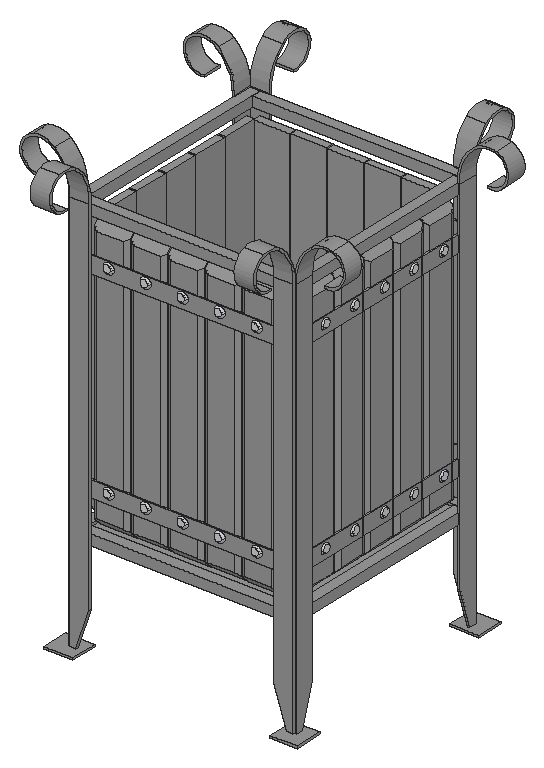
Revit family "Урна уличная «Сириус»", category Антураж, Revit 2017
Family settings
  На основе рабочей плоскости = Нет
  Всегда вертикально = Да
  При загрузке вырезать с полостями = Нет
  Источник визуального образа = Геометрия семейства
  Общий = Нет
  Точка расчета площади = Нет
Parameters (values of type "Урна уличная «Сириус»")
  Стоимость = 8264
  Изготовитель = "ООО «Хоббика»"
  Высота = 0 mm
  URL = "https://hobbyka.ru/product/urna_ulichnaia_sirius/?sphrase_id=88654"
  ADSK_Размер_Ширина = 385 mm
  ADSK_Размер_Глубина = 385 mm
  ADSK_Размер_Высота = 725 mm
  ADSK_Объем = 30.00 m³
  ADSK_Наименование = "Урна уличная «Сириус»"
  ADSK_Материал урны = Сталь окрашенная, черная
  ADSK_Материал ламелей = Сосна
  ADSK_Масса = 24.00 kg
  ADSK_Код изделия = "7283"
Reference planes
  plane 1 "По центру (Вперед/Назад)": y = 0
  plane 2: z = 0
  plane 3 "По центру (Влево/Вправо)": x = 0
Forms (mm)
  Extrusion 1, solid, material "Сталь окрашенная, черная" <- "ADSK_Материал урны"
    sketch origin (-174.984, -174.5, 0) x (1, 0, 0) y (0, 1, 0)
      loop
        line (18.484, 331) -> (18.484, 18.999) -> (330.484, 18.999) -> (330.484, 331) -> (18.484, 331)
    from 163 to 165
Dimensions and locks
  aligned and locked: level to plane 2
Nested families
  nested 1: "Деталь 3" at (-8.5, -155.501, 0), ADSK_Материал ламелей <- "ADSK_Материал ламелей", type "Деталь 3"
    with ADSK_Материал ламелей Сосна
  nested 2: "Деталь 3" at (-156.5, 8.499, 0) x (0, -1, 0) z (0, 0, 1), ADSK_Материал ламелей <- "ADSK_Материал ламелей", type "Деталь 3"
    with ADSK_Материал ламелей Сосна
  nested 3: "Деталь 3" at (7.5, 156.5, 0) x (-1, 0, 0) z (0, 0, 1), ADSK_Материал ламелей <- "ADSK_Материал ламелей", type "Деталь 3"
    with ADSK_Материал ламелей Сосна
  nested 4: "Деталь 3" at (155.5, -7.5, 0) x (0, 1, 0) z (0, 0, 1), ADSK_Материал ламелей <- "ADSK_Материал ламелей", type "Деталь 3"
    with ADSK_Материал ламелей Сосна
Definition of nested family "Деталь 3"
  Parameters (values of type "Деталь 3")
    Height = 0 mm
    ADSK_Материал урны = none
    ADSK_Материал ламелей [instance] = none
  Reference planes
    plane 1 "По центру (Вперед/Назад)": y = 0
    plane 2: z = 0
    plane 3 "По центру (Влево/Вправо)": x = 0
  Forms (mm)
    Extrusion 1, solid, material <- "ADSK_Материал ламелей", not visible
      sketch origin (0, -158.499, -169.601) x (0, 1, 0) y (0, 0, 1)
        loop
          line (158.499, 169.601) -> (158.499, 598.553) -> (146.874, 598.553) -> (130.599, 582.278) -> (130.599, 185.876) -> (146.874, 169.601) -> (158.499, 169.601)
      from 0 to 55
    Extrusion 2, void, not visible
      sketch origin (0, -158.499, 0) x (1, 0, 0) y (0, 1, 0)
        loop
          line (45.757, 128.786) -> (55.869, 128.786) -> (55.869, 135.857) -> (45.757, 128.786)
        loop
          line (9.243, 128.786) -> (-1.052, 135.985) -> (-1.052, 128.786) -> (9.243, 128.786)
      from 0 to 428.952
    Blend 3, solid, not visible
      base sketch origin (0, 0, 0) x (1, 0, 0) y (0, 0, 1)
        loop
          circle (27.5, 370.353) r 8
      top sketch origin (0, 0, 0) x (1, 0, 0) y (0, 0, 1)
        loop
          circle (27.5, 370.353) r 5.6
      from 27.9 to 30.9
    Blend 4, solid, not visible
      base sketch origin (0, 0, -310.308) x (1, 0, 0) y (0, 0, 1)
        loop
          circle (27.5, 370.353) r 8
      top sketch origin (0, 0, -310.308) x (1, 0, 0) y (0, 0, 1)
        loop
          circle (27.5, 370.353) r 5.6
      from 27.9 to 30.9
    Extrusion 5, solid, material <- "ADSK_Материал урны"
      sketch origin (8, 156, 3) x (0, 1, 0) y (0, 0, 1)
        loop
          line (-169.002, 548.819) -> (-172, 548.819) -> (-172, 523.819) -> (-169.002, 523.819) -> (-169.002, 548.819)
        loop
          line (-169.002, 238.819) -> (-172, 238.819) -> (-172, 213.819) -> (-169.002, 213.819) -> (-169.002, 238.819)
      from -171.999 to 168.999
    Extrusion 6, solid, material <- "ADSK_Материал урны"
      sketch origin (8, 156, 3) x (0, 1, 0) y (0, 0, 1)
        loop
          line (-156, 164.601) -> (-172, 164.601) -> (-172, 148.601) -> (-156, 148.601) -> (-156, 164.601)
        loop
          line (-156, 619.601) -> (-172, 619.601) -> (-172, 603.601) -> (-156, 603.601) -> (-156, 619.601)
      from -171.999 to 156
    Extrusion 7, solid, material <- "ADSK_Материал урны"
      sketch origin (8, 156, 0) x (1, 0, 0) y (0, 1, 0)
        loop
          line (-151.5, -153) -> (-195.5, -153) -> (-195.5, -195) -> (-151.5, -195) -> (-151.5, -153)
      from 0 to 3
    Extrusion 8, solid, material <- "ADSK_Материал урны", not visible
      sketch origin (0, 0, 3) x (0, 1, 0) y (0, 0, 1)
        loop
          line (-169.002, 548.819) -> (-172, 548.819) -> (-172, 523.819) -> (-169.002, 523.819) -> (-169.002, 548.819)
        loop
          line (-169.002, 238.819) -> (-172, 238.819) -> (-172, 213.819) -> (-169.002, 213.819) -> (-169.002, 238.819)
      from -171.999 to 168.999
    Extrusion 9, solid, material <- "ADSK_Материал урны", not visible
      sketch origin (0, 0, 3) x (0, 1, 0) y (0, 0, 1)
        loop
          line (-156, 164.601) -> (-172, 164.601) -> (-172, 148.601) -> (-156, 148.601) -> (-156, 164.601)
        loop
          line (-156, 619.601) -> (-172, 619.601) -> (-172, 603.601) -> (-156, 603.601) -> (-156, 619.601)
      from -171.999 to 156
    Extrusion 10, solid, material <- "ADSK_Материал урны", not visible
      sketch origin (0, 0, 0) x (1, 0, 0) y (0, 1, 0)
        loop
          line (-151.5, -153) -> (-195.5, -153) -> (-195.5, -195) -> (-151.5, -195) -> (-151.5, -153)
      from 0 to 3
  Dimensions and locks
    equal spacing: group 3, group 4, group 5, group 6, group 7  (x3)
    equal spacing: group 15, group 16, group 17, group 9, group 10  (x3)
    aligned and locked: level to plane 2
  Nested families
    nested 1: "Деталь 1" at (-164.06, -15.824, 3), ADSK_Материал держателя <- "ADSK_Материал урны", type "Деталь 1"
      with ADSK_Материал держателя none
    nested 2: "Деталь 1" at (-163.884, -15.999, 3) x (0, 1, 0) z (0, 0, 1), ADSK_Материал держателя <- "ADSK_Материал урны", type "Деталь 1"
      with ADSK_Материал держателя none
    nested 3: "Деталь 4" at (-134, 14.9, 172.601), ADSK_Материал ламелей <- "ADSK_Материал ламелей", type "Деталь 4"
      with ADSK_Материал ламелей none
    nested 4: "Деталь 4" at (-77, 14.9, 172.601), ADSK_Материал ламелей <- "ADSK_Материал ламелей", type "Деталь 4"
      with ADSK_Материал ламелей none
    nested 5: "Деталь 4" at (-20, 14.9, 172.601), ADSK_Материал ламелей <- "ADSK_Материал ламелей", type "Деталь 4"
      with ADSK_Материал ламелей none
    nested 6: "Деталь 4" at (37, 14.9, 172.601), ADSK_Материал ламелей <- "ADSK_Материал ламелей", type "Деталь 4"
      with ADSK_Материал ламелей none
    nested 7: "Деталь 4" at (94, 14.9, 172.601), ADSK_Материал ламелей <- "ADSK_Материал ламелей", type "Деталь 4"
      with ADSK_Материал ламелей none
    nested 8: "Деталь 4" at (29, -141.1, 172.601), ADSK_Материал ламелей <- "ADSK_Материал ламелей", type "Деталь 4", not visible
      with ADSK_Материал ламелей none
    nested 9: "Деталь 4" at (86, -141.1, 172.601), ADSK_Материал ламелей <- "ADSK_Материал ламелей", type "Деталь 4", not visible
      with ADSK_Материал ламелей none
    nested 10: "Деталь 1" at (-180, -171.824, 0), ADSK_Материал держателя <- "ADSK_Материал урны", type "Деталь 1", not visible
      with ADSK_Материал держателя none
    nested 11: "Деталь 1" at (-179.825, -172, 0) x (0, 1, 0) z (0, 0, 1), ADSK_Материал держателя <- "ADSK_Материал урны", type "Деталь 1", not visible
      with ADSK_Материал держателя none
    nested 12: "Деталь 4" at (-142, -172, 172.601), ADSK_Материал ламелей <- "ADSK_Материал ламелей", type "Деталь 4", not visible
      with ADSK_Материал ламелей none
    nested 13: "Деталь 1" at (-172.059, -171.824, 3), ADSK_Материал держателя <- "ADSK_Материал урны", type "Деталь 1", not visible
      with ADSK_Материал держателя none
    nested 14: "Деталь 1" at (-171.884, -172, 3) x (0, 1, 0) z (0, 0, 1), ADSK_Материал держателя <- "ADSK_Материал урны", type "Деталь 1", not visible
      with ADSK_Материал держателя none
    nested 15: "Деталь 4" at (-142, -141.1, 172.601), ADSK_Материал ламелей <- "ADSK_Материал ламелей", type "Деталь 4", not visible
      with ADSK_Материал ламелей none
    nested 16: "Деталь 4" at (-85, -141.1, 172.601), ADSK_Материал ламелей <- "ADSK_Материал ламелей", type "Деталь 4", not visible
      with ADSK_Материал ламелей none
    nested 17: "Деталь 4" at (-28, -141.1, 172.601), ADSK_Материал ламелей <- "ADSK_Материал ламелей", type "Деталь 4", not visible
      with ADSK_Материал ламелей none
  Definition of nested family "Деталь 1"
    Parameters (values of type "Деталь 1")
      Height = 0 mm
      ADSK_Материал держателя [instance] = none
    Reference planes
      plane 1 "По центру (Вперед/Назад)": y = 0
      plane 2: z = 0
      plane 3 "По центру (Влево/Вправо)": x = 0
    Forms (mm)
      Extrusion 1, solid, material <- "ADSK_Материал держателя"
        sketch origin (0, 15.884, 0) x (0, 1, 0) y (0, 0, 1)
          loop
            line (-62.102, 629.831) -> (-62.102, 632.825)
            arc (-62.102, 632.825) -> (-90.808, 651.781) -> (-74.361, 681.995) r 25.43
            arc (-74.361, 681.995) -> (-57.732, 683.14) -> (-42.742, 675.849) r 32.33
            arc (-42.742, 675.849) -> (-24.401, 650.675) -> (-18.999, 620) r 68.997
            line (-18.999, 620) -> (-18.999, 0) -> (-16.002, 0) -> (-16.002, 619.92)
            arc (-16.002, 619.92) -> (-21.577, 651.918) -> (-40.784, 678.11) r 71.203
            arc (-40.784, 678.11) -> (-57.172, 686.029) -> (-75.334, 684.838) r 35.691
            arc (-75.334, 684.838) -> (-93.92, 651.272) -> (-62.102, 629.831) r 28.396
        from 0 to 30
      Extrusion 2, void
        sketch origin (0, 0, 0) x (1, 0, 0) y (0, 0, 1)
          loop
            line (35, 74.711) -> (6.654, -10) -> (35, -10) -> (35, 74.711)
        from 0 to 250
    Cuts and joins
      Extrusion 2 cuts Extrusion 1
    Dimensions and locks
      aligned and locked: level to plane 2
  Definition of nested family "Деталь 4"
    Parameters (values of type "Деталь 4")
      Height = 0 mm
      ADSK_Материал ламелей [instance] = none
    Reference planes
      plane 1 "По центру (Вперед/Назад)": y = 0
      plane 2: z = 0
      plane 3 "По центру (Влево/Вправо)": x = 0
    Forms (mm)
      Extrusion 1, solid, material <- "ADSK_Материал ламелей"
        sketch origin (0, -158.499, -169.601) x (0, 1, 0) y (0, 0, 1)
          loop
            line (158.499, 169.601) -> (158.499, 598.553) -> (146.874, 598.553) -> (130.599, 582.278) -> (130.599, 185.876) -> (146.874, 169.601) -> (158.499, 169.601)
        from 0 to 55
      Extrusion 2, void
        sketch origin (0, -158.499, 0) x (1, 0, 0) y (0, 1, 0)
          loop
            line (45.757, 128.786) -> (55.869, 128.786) -> (55.869, 135.857) -> (45.757, 128.786)
          loop
            line (9.243, 128.786) -> (-1.052, 135.985) -> (-1.052, 128.786) -> (9.243, 128.786)
        from 0 to 428.952
      Blend 3, solid
        base sketch origin (0, 0, 0) x (1, 0, 0) y (0, 0, 1)
          loop
            circle (27.5, 370.353) r 8
        top sketch origin (0, 0, 0) x (1, 0, 0) y (0, 0, 1)
          loop
            circle (27.5, 370.353) r 5.6
        from 30.9 to 33.9
      Blend 4, solid
        base sketch origin (0, 0, -310.308) x (1, 0, 0) y (0, 0, 1)
          loop
            circle (27.5, 370.353) r 8
        top sketch origin (0, 0, -310.308) x (1, 0, 0) y (0, 0, 1)
          loop
            circle (27.5, 370.353) r 5.6
        from 30.9 to 33.9
      Extrusion 5, solid, material <- "ADSK_Материал ламелей", not visible
        sketch origin (0, -158.499, -169.601) x (0, 1, 0) y (0, 0, 1)
          loop
            line (158.499, 169.601) -> (158.499, 598.553) -> (146.874, 598.553) -> (130.599, 582.278) -> (130.599, 185.876) -> (146.874, 169.601) -> (158.499, 169.601)
        from 0 to 55
      Extrusion 6, void, not visible
        sketch origin (0, -158.499, 0) x (1, 0, 0) y (0, 1, 0)
          loop
            line (45.757, 128.786) -> (55.869, 128.786) -> (55.869, 135.857) -> (45.757, 128.786)
          loop
            line (9.243, 128.786) -> (-1.052, 135.985) -> (-1.052, 128.786) -> (9.243, 128.786)
        from 0 to 428.952
      Blend 7, solid, not visible
        base sketch origin (0, 0, 0) x (1, 0, 0) y (0, 0, 1)
          loop
            circle (27.5, 370.353) r 8
        top sketch origin (0, 0, 0) x (1, 0, 0) y (0, 0, 1)
          loop
            circle (27.5, 370.353) r 5.6
        from 30.9 to 33.9
      Blend 8, solid, not visible
        base sketch origin (0, 0, -310.308) x (1, 0, 0) y (0, 0, 1)
          loop
            circle (27.5, 370.353) r 8
        top sketch origin (0, 0, -310.308) x (1, 0, 0) y (0, 0, 1)
          loop
            circle (27.5, 370.353) r 5.6
        from 30.9 to 33.9
    Cuts and joins
      Extrusion 2 cuts Extrusion 1
    Dimensions and locks
      aligned and locked: level to plane 2
